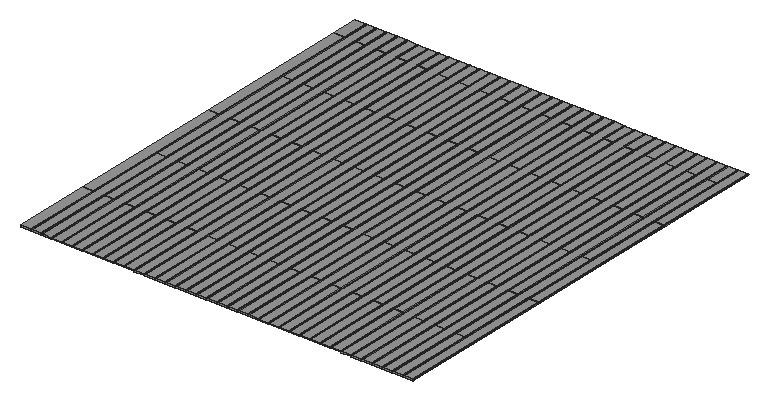
Revit family "2416-2, Veneer", category Generic Models, host Ceiling, Revit 2020
Family settings
  Host = Ceiling
  Can host rebar = No
  Round Connector Dimension = Use Diameter
  Part Type = Normal
  Always vertical = Yes
  Cut with Voids When Loaded = No
  Shared = No
  Room Calculation Point = No
Parameters
  OC SPACING [instance] = .. MEMBER WIDTH - 0' 0 1/4" - 0' 0 3/256"  # 0' - 4 189/256"
  PROJECT WIDTH [instance] = 15' - 0"
  PROJECT LENGTH [instance] = 16' - 0"
  PANELS COUNT 2 [instance] = rounddown((PROJECT LENGTH - .. MEMBER LENGTH 3) / .. MEMBER LENGTH 2)  # 2
  PANELS COUNT [instance] = rounddown(PROJECT LENGTH / .. MEMBER LENGTH 2)  # 2
  MEMBER WIDTH COUNT 2 [instance] = (PROJECT WIDTH / OC SPACING) / 2  # 19
  .. MEMBER WIDTH COUNT [instance] = (PROJECT WIDTH / OC SPACING) / 2  # 19
  .. MEMBER MATERIAL [instance] = Veneer Cherry
  .. MEMBER LENGTH 4 [instance] = ((PROJECT LENGTH - .. MEMBER LENGTH 3) - (PANELS COUNT 2 * .. MEMBER LENGTH 2))  # 1' - 0"
  .. MEMBER LENGTH 3 [instance] = .. MEMBER LENGTH 2 / 2  # 3' - 0"
  Default Elevation = 0' - 0"
  .. MEMBER WIDTH [instance] = 0' - 5"  # constant formula
  .. MEMBER LENGTH 2 [instance] = 6' - 0"
  .. MEMBER LENGTH [instance] = PROJECT LENGTH - (PANELS COUNT * .. MEMBER LENGTH 2)  # 4' - 0"
  .. MEMBER DEPTH [instance] = 0' - 0 3/4"  # constant formula
Reference planes (in)
  plane 1 "Center (Front/Back)": y = 0
  plane 2 "Ceiling": z = 96
  plane 3 "Center (Left/Right)": x = 0
  plane 4: y = 72
  plane 5: y = 144
  plane 6: y = 108
  plane 7: y = 36
  plane 8: y = 192
  plane 9: y = 144
  plane 10: y = 180
  plane 11: x = 180
  plane 12: x = 4.73828
Dimensions and locks (in)
  equal spacing: host sketch curve, plane 3 "Center (Left/Right)", host sketch curve
  equal spacing: host sketch curve, plane 1 "Center (Front/Back)", host sketch curve
  host sketch curve to host sketch curve = 10' - 0"  (x2)
  group 1 to group 2 = 0' - 0"  (x2)
  group 1 to group 2 = 6' - 0"
  ".. MEMBER LENGTH 2": plane 5 to plane 4
  ".. MEMBER LENGTH 2": plane 6 to plane 7
  "PROJECT LENGTH": plane 1 "Center (Front/Back)" to plane 8
  group 3 to group 4 = 0' - 0"  (x2)
  group 3 to group 4 = 6' - 0"
  ".. MEMBER LENGTH 3": plane 1 "Center (Front/Back)" to plane 7
  ".. MEMBER LENGTH 2": plane 1 "Center (Front/Back)" to plane 4
  ".. MEMBER LENGTH": plane 8 to plane 9
  ".. MEMBER LENGTH 4": plane 8 to plane 10
  "PROJECT WIDTH": plane 3 "Center (Left/Right)" to plane 11
  "OC SPACING": plane 3 "Center (Left/Right)" to plane 12
  aligned and locked: plane 1 "Center (Front/Back)" to nested 1
  aligned and locked: plane 4 to nested 2
  aligned and locked: nested 4 to plane 4
  aligned and locked: plane 7 to nested 3
  aligned and locked: plane 6 to nested 3
  aligned and locked: nested 6 to plane 6
  aligned and locked: nested 5 to plane 9
  aligned and locked: nested 7 to plane 10
  aligned and locked: plane 12 to nested 2
  aligned and locked: plane 12 to nested 4
  aligned and locked: plane 12 to nested 5
Nested families (in)
  nested 1: "(COPY 1) 2300 STAGGERED" at (0, 0, 85.44644), .. MEMBER DEPTH <- ".. MEMBER DEPTH", .. MEMBER WIDTH <- ".. MEMBER WIDTH", MEMBER LENGTH <- ".. MEMBER LENGTH 3", REVEAL <- "OC SPACING", MEMBER 1 COUNT <- ".. MEMBER WIDTH COUNT", .. MEMBER MATERIAL <- ".. MEMBER MATERIAL", type "(COPY 1) 2300 STAGGERED"
    with REVEAL X2 0' - 9 61/128", REVEAL 0' - 4 189/256", MEMBER LENGTH 2 1' - 6", MEMBER LENGTH 3' - 0", MEMBER COUNT 2 5, MEMBER 1 COUNT 19, INDENT 0' - 0 5/8", .. MEMBER WIDTH 0' - 5", .. MEMBER MATERIAL Veneer Cherry, .. MEMBER DEPTH 0' - 0 3/4"
  nested 2: "(COPY 1) 2300 STAGGERED" at (4.73828, 0, 85.44644), .. MEMBER DEPTH <- ".. MEMBER DEPTH", .. MEMBER WIDTH <- ".. MEMBER WIDTH", MEMBER LENGTH <- ".. MEMBER LENGTH 2", MEMBER 1 COUNT <- "MEMBER WIDTH COUNT 2", REVEAL <- "OC SPACING", .. MEMBER MATERIAL <- ".. MEMBER MATERIAL", type "(COPY 1) 2300 STAGGERED"
    with REVEAL X2 0' - 9 61/128", REVEAL 0' - 4 189/256", MEMBER LENGTH 2 3' - 0", MEMBER LENGTH 6' - 0", MEMBER COUNT 2 5, MEMBER 1 COUNT 19, INDENT 0' - 0 5/8", .. MEMBER WIDTH 0' - 5", .. MEMBER MATERIAL Veneer Cherry, .. MEMBER DEPTH 0' - 0 3/4"
  nested 3: "(COPY 1) 2300 STAGGERED" at (0, 36, 85.44644), .. MEMBER DEPTH <- ".. MEMBER DEPTH", .. MEMBER WIDTH <- ".. MEMBER WIDTH", MEMBER LENGTH <- ".. MEMBER LENGTH 2", MEMBER 1 COUNT <- ".. MEMBER WIDTH COUNT", REVEAL <- "OC SPACING", .. MEMBER MATERIAL <- ".. MEMBER MATERIAL", type "(COPY 1) 2300 STAGGERED"
    with REVEAL X2 0' - 9 61/128", REVEAL 0' - 4 189/256", MEMBER LENGTH 2 3' - 0", MEMBER LENGTH 6' - 0", MEMBER COUNT 2 5, MEMBER 1 COUNT 19, INDENT 0' - 0 5/8", .. MEMBER WIDTH 0' - 5", .. MEMBER MATERIAL Veneer Cherry, .. MEMBER DEPTH 0' - 0 3/4"
  nested 4: "(COPY 1) 2300 STAGGERED" at (4.73828, 72, 85.44644), .. MEMBER DEPTH <- ".. MEMBER DEPTH", .. MEMBER WIDTH <- ".. MEMBER WIDTH", MEMBER LENGTH <- ".. MEMBER LENGTH 2", MEMBER 1 COUNT <- "MEMBER WIDTH COUNT 2", REVEAL <- "OC SPACING", .. MEMBER MATERIAL <- ".. MEMBER MATERIAL", type "(COPY 1) 2300 STAGGERED"
    with REVEAL X2 0' - 9 61/128", REVEAL 0' - 4 189/256", MEMBER LENGTH 2 3' - 0", MEMBER LENGTH 6' - 0", MEMBER COUNT 2 5, MEMBER 1 COUNT 19, INDENT 0' - 0 5/8", .. MEMBER WIDTH 0' - 5", .. MEMBER MATERIAL Veneer Cherry, .. MEMBER DEPTH 0' - 0 3/4"
  nested 5: "(COPY 1) 2300 STAGGERED" at (4.73828, 144, 85.44644), .. MEMBER DEPTH <- ".. MEMBER DEPTH", .. MEMBER WIDTH <- ".. MEMBER WIDTH", MEMBER LENGTH <- ".. MEMBER LENGTH", REVEAL <- "OC SPACING", MEMBER 1 COUNT <- "MEMBER WIDTH COUNT 2", .. MEMBER MATERIAL <- ".. MEMBER MATERIAL", type "(COPY 1) 2300 STAGGERED"
    with REVEAL X2 0' - 9 61/128", REVEAL 0' - 4 189/256", MEMBER LENGTH 2 2' - 0", MEMBER LENGTH 4' - 0", MEMBER COUNT 2 5, MEMBER 1 COUNT 19, INDENT 0' - 0 5/8", .. MEMBER WIDTH 0' - 5", .. MEMBER MATERIAL Veneer Cherry, .. MEMBER DEPTH 0' - 0 3/4"
  nested 6: "(COPY 1) 2300 STAGGERED" at (0, 108, 85.44644), .. MEMBER DEPTH <- ".. MEMBER DEPTH", .. MEMBER WIDTH <- ".. MEMBER WIDTH", MEMBER LENGTH <- ".. MEMBER LENGTH 2", MEMBER 1 COUNT <- ".. MEMBER WIDTH COUNT", REVEAL <- "OC SPACING", .. MEMBER MATERIAL <- ".. MEMBER MATERIAL", type "(COPY 1) 2300 STAGGERED"
    with REVEAL X2 0' - 9 61/128", REVEAL 0' - 4 189/256", MEMBER LENGTH 2 3' - 0", MEMBER LENGTH 6' - 0", MEMBER COUNT 2 5, MEMBER 1 COUNT 19, INDENT 0' - 0 5/8", .. MEMBER WIDTH 0' - 5", .. MEMBER MATERIAL Veneer Cherry, .. MEMBER DEPTH 0' - 0 3/4"
  nested 7: "(COPY 1) 2300 STAGGERED" at (0, 180, 85.44644), .. MEMBER DEPTH <- ".. MEMBER DEPTH", .. MEMBER WIDTH <- ".. MEMBER WIDTH", MEMBER LENGTH <- ".. MEMBER LENGTH 4", REVEAL <- "OC SPACING", MEMBER 1 COUNT <- ".. MEMBER WIDTH COUNT", .. MEMBER MATERIAL <- ".. MEMBER MATERIAL", type "(COPY 1) 2300 STAGGERED"
    with REVEAL X2 0' - 9 61/128", REVEAL 0' - 4 189/256", MEMBER LENGTH 2 0' - 6", MEMBER LENGTH 1' - 0", MEMBER COUNT 2 3, MEMBER 1 COUNT 19, INDENT 0' - 0 5/8", .. MEMBER WIDTH 0' - 5", .. MEMBER MATERIAL Veneer Cherry, .. MEMBER DEPTH 0' - 0 3/4"
Definition of nested family "(COPY 1) 2300 STAGGERED"
  Parameters (values of type "(COPY 1) 2300 STAGGERED")
    REVEAL X2 [instance] = REVEAL * 2  # 0' - 8"
    REVEAL [instance] = 0' - 4"
    MEMBER LENGTH 2 [instance] = MEMBER LENGTH / 2  # 3' - 0"
    MEMBER LENGTH [instance] = 6' - 0"
    MEMBER COUNT 2 [instance] = 5
    MEMBER 1 COUNT [instance] = 5
    INDENT [instance] = 0' - 0 5/8"
    Default Elevation = 0' - 0"
    .. MEMBER WIDTH [instance] = 0' - 3 1/4"
    .. MEMBER MATERIAL [instance] = none
    .. MEMBER DEPTH [instance] = 0' - 0 3/4"
  Reference planes (in)
    plane 1 "Center (Front/Back)": y = 0
    plane 2: z = 0
    plane 3 "Center (Left/Right)": x = 0
    plane 4: x = 8
    plane 5: x = 4
    plane 6: x = 12
  Dimensions and locks (in)
    "REVEAL X2": plane 3 "Center (Left/Right)" to plane 4
    "REVEAL": plane 3 "Center (Left/Right)" to plane 5
    "REVEAL X2": plane 5 to plane 6
    equal spacing: group 1, group 2, group 3, group 4, group 5  (x3)
    aligned and locked: plane 2 to level
    aligned and locked: plane 1 "Center (Front/Back)" to nested 1
    aligned and locked: nested 1 to plane 3 "Center (Left/Right)"
    aligned and locked: nested 2 to plane 4
  Nested families (in)
    nested 1: "2300 DEV" at (-0.25432, 0, 0), MEMBER LENGTH <- "MEMBER LENGTH", MEMBER MATERIAL <- ".. MEMBER MATERIAL", MEMBER WIDTH <- ".. MEMBER WIDTH", MEMBER DEPTH <- ".. MEMBER DEPTH", INDENT <- "INDENT", type "2300 DEV"
      with MEMBER WIDTH 0' - 3 1/4", MEMBER MATERIAL none, MEMBER LENGTH 6' - 0", MEMBER DEPTH 0' - 0 3/4", INDENT 0' - 0 5/8", EXTRUSION -6' - 0"
    nested 2: "2300 DEV" at (7.74568, 0, 0), MEMBER LENGTH <- "MEMBER LENGTH", MEMBER MATERIAL <- ".. MEMBER MATERIAL", MEMBER WIDTH <- ".. MEMBER WIDTH", MEMBER DEPTH <- ".. MEMBER DEPTH", INDENT <- "INDENT", type "2300 DEV"
      with MEMBER WIDTH 0' - 3 1/4", MEMBER MATERIAL none, MEMBER LENGTH 6' - 0", MEMBER DEPTH 0' - 0 3/4", INDENT 0' - 0 5/8", EXTRUSION -6' - 0"
    nested 3: "2300 DEV" at (15.74568, 0, 0), MEMBER LENGTH <- "MEMBER LENGTH", MEMBER MATERIAL <- ".. MEMBER MATERIAL", MEMBER WIDTH <- ".. MEMBER WIDTH", MEMBER DEPTH <- ".. MEMBER DEPTH", INDENT <- "INDENT", type "2300 DEV"
      with MEMBER WIDTH 0' - 3 1/4", MEMBER MATERIAL none, MEMBER LENGTH 6' - 0", MEMBER DEPTH 0' - 0 3/4", INDENT 0' - 0 5/8", EXTRUSION -6' - 0"
    nested 4: "2300 DEV" at (23.74568, 0, 0), MEMBER LENGTH <- "MEMBER LENGTH", MEMBER MATERIAL <- ".. MEMBER MATERIAL", MEMBER WIDTH <- ".. MEMBER WIDTH", MEMBER DEPTH <- ".. MEMBER DEPTH", INDENT <- "INDENT", type "2300 DEV"
      with MEMBER WIDTH 0' - 3 1/4", MEMBER MATERIAL none, MEMBER LENGTH 6' - 0", MEMBER DEPTH 0' - 0 3/4", INDENT 0' - 0 5/8", EXTRUSION -6' - 0"
    nested 5: "2300 DEV" at (31.74568, 0, 0), MEMBER LENGTH <- "MEMBER LENGTH", MEMBER MATERIAL <- ".. MEMBER MATERIAL", MEMBER WIDTH <- ".. MEMBER WIDTH", MEMBER DEPTH <- ".. MEMBER DEPTH", INDENT <- "INDENT", type "2300 DEV"
      with MEMBER WIDTH 0' - 3 1/4", MEMBER MATERIAL none, MEMBER LENGTH 6' - 0", MEMBER DEPTH 0' - 0 3/4", INDENT 0' - 0 5/8", EXTRUSION -6' - 0"
  Definition of nested family "2300 DEV"
    Parameters (values of type "2300 DEV")
      MEMBER WIDTH [instance] = 0' - 2 1/4"
      MEMBER MATERIAL [instance] = none
      MEMBER LENGTH [instance] = 2' - 6"
      MEMBER DEPTH [instance] = 0' - 0 5/8"
      INDENT [instance] = 0' - 0 5/8"
      EXTRUSION [instance] = -1 * MEMBER LENGTH  # -2' - 6"
      Default Elevation = 0' - 0"
    Reference planes (in)
      plane 1 "Center (Front/Back)": y = 0
      plane 2: z = 10.55356
      plane 3 "Center (Left/Right)": x = 0
      plane 4: y = 30
      plane 5: z = 10.55356
      plane 6: x = 0.25432
      plane 7: x = 2.50432
      plane 8: x = 2.82058
      plane 9: z = 9.92856
      plane 10: z = 10.17856
    Forms (in)
      Extrusion 1, void, not visible
        sketch origin (-0.375, 0, 0) x (1, 0, 0) y (0, 0, 1)
          loop
            line (4.125, 11.30356) -> (4.125, 11.17856) -> (4.0625, 11.11606) -> (3.75, 11.11606) -> (3.75, 10.92856) -> (4.25, 10.92856) -> (4.65478, 10.92856) -> (4.65478, 11.30356) -> (4.25, 11.30356) -> (4.125, 11.30356)
        from 0 to 30
      Extrusion 2, void, not visible
        sketch origin (4.5, 0, 0) x (-1, 0, 0) y (0, 0, 1)
          loop
            line (4.5, 11.30356) -> (4.25, 11.30356) -> (4.25, 11.17856) -> (4.1875, 11.11606) -> (3.875, 11.11606) -> (3.875, 10.92856) -> (4.78125, 10.92856) -> (4.78125, 11.30356) -> (4.5, 11.30356)
        from 0 to 30
      Extrusion 3, void, not visible
        sketch origin (0, 0, 0) x (1, 0, 0) y (0, 0, 1)
          loop
            line (2.53125, 10.55356) -> (2, 10.55356) -> (2, 10.42856) -> (1.9375, 10.36606) -> (1.625, 10.36606) -> (1.625, 10.17856) -> (2.53125, 10.17856) -> (2.53125, 10.55356)
        from 0 to 12
      Extrusion 4, void
        sketch origin (-5.34896, 0, 0) x (1, 0, 0) y (0, 0, 1)
          loop
            line (5.92291, 10.42856) -> (5.60328, 10.42856) -> (5.60328, 10.55356) -> (5.34896, 10.55356) -> (5.34896, 9.92856) -> (5.34896, 9.52296) -> (5.60291, 9.52296) -> (5.60291, 9.99136) -> (5.60291, 10.17856) -> (5.92291, 10.17856) -> (5.92291, 10.42856)
        from 0 to -30 <- "EXTRUSION"
      Extrusion 5, void
        sketch origin (-6.35859, 0, 0) x (1, 0, 0) y (0, 0, 1)
          loop
            line (8.60291, 10.17856) -> (8.60291, 9.99106) -> (8.60291, 9.52296) -> (9.17917, 9.52296) -> (9.17917, 9.92856) -> (9.17917, 10.55356) -> (8.56291, 10.55356) -> (8.56291, 10.38856) -> (8.80041, 10.38856)
            arc (8.80041, 10.38856) -> (8.8446, 10.37025) -> (8.86291, 10.32606) r 0.0625
            line (8.86291, 10.32606) -> (8.86291, 10.24106)
            arc (8.86291, 10.24106) -> (8.8446, 10.19686) -> (8.80041, 10.17856) r 0.0625
            line (8.80041, 10.17856) -> (8.60291, 10.17856)
        from 0 to -30 <- "EXTRUSION"
      Extrusion 6, solid, material <- "MEMBER MATERIAL"
        sketch origin (-5.34896, 0, 0) x (1, 0, 0) y (0, 0, 1)
          loop
            line (5.60328, 10.55356) -> (5.60328, 9.92856) -> (7.85328, 9.92856) -> (7.85328, 10.55356) -> (5.60328, 10.55356)
        from 0 to -30
      Extrusion 7, void, not visible
        sketch origin (0, 0, 0) x (1, 0, 0) y (0, 0, 1)
          loop
            line (8.60291, 10.17856) -> (8.60291, 9.99106) -> (8.54041, 9.92856) -> (9.17917, 9.92856) -> (9.17917, 10.55356) -> (8.56291, 10.55356) -> (8.56291, 10.38856) -> (8.80041, 10.38856)
            arc (8.80041, 10.38856) -> (8.8446, 10.37025) -> (8.86291, 10.32606) r 0.0625
            line (8.86291, 10.32606) -> (8.86291, 10.24106)
            arc (8.86291, 10.24106) -> (8.8446, 10.19686) -> (8.80041, 10.17856) r 0.0625
            line (8.80041, 10.17856) -> (8.60291, 10.17856)
        from 0 to -30
      Extrusion 8, void, not visible
        sketch origin (-0.54718, 0, 0) x (1, 0, 0) y (0, 0, 1)
          loop
            line (8.60291, 10.17856) -> (8.60291, 9.99106) -> (8.60291, 9.52296) -> (9.17917, 9.52296) -> (9.17917, 9.92856) -> (9.17917, 10.55356) -> (8.56291, 10.55356) -> (8.56291, 10.38856) -> (8.80041, 10.38856)
            arc (8.80041, 10.38856) -> (8.8446, 10.37025) -> (8.86291, 10.32606) r 0.0625
            line (8.86291, 10.32606) -> (8.86291, 10.24106)
            arc (8.86291, 10.24106) -> (8.8446, 10.19686) -> (8.80041, 10.17856) r 0.0625
            line (8.80041, 10.17856) -> (8.60291, 10.17856)
        from 0 to -30 <- "EXTRUSION"
      Extrusion 9, void
        sketch origin (0, 0, 0) x (1, 0, 0) y (0, 0, 1)
          loop
            line (0.25432, 9.92856) -> (0.31682, 9.92856) -> (0.25432, 9.99106) -> (0.25432, 9.92856)
        from -30 to 0
      Extrusion 10, void
        sketch origin (2.49864, 0, -0.0153) x (-1, 0, 0) y (0, 0, -1)
          loop
            line (0.25432, -9.94385) -> (0.25432, -10.00635) -> (0.31682, -9.94385) -> (0.25432, -9.94385)
        from -30 to 0
      Extrusion 11, void, not visible
        sketch origin (-5.34896, -6, 0) x (1, 0, 0) y (0, 0, 1)
          loop
            line (5.92291, 10.42856) -> (5.60328, 10.42856) -> (5.60328, 10.55356) -> (5.34896, 10.55356) -> (5.34896, 9.92856) -> (5.34896, 9.52296) -> (5.60291, 9.52296) -> (5.60291, 9.99136) -> (5.60291, 10.17856) -> (5.92291, 10.17856) -> (5.92291, 10.42856)
        from 0 to -30 <- "EXTRUSION"
    Cuts and joins
      Extrusion 4, Extrusion 5, Extrusion 9, Extrusion 10 cuts Extrusion 6
    Lines and regions (in)
      model lines, not visible
        curve 1: line (9.45582, 0, 10.55356) -> (14.70582, 0, 10.55356)
        curve 2: line (14.70582, 0, 10.55356) -> (14.70582, 0, 10.92856)
        curve 3: line (14.70582, 0, 10.92856) -> (14.20582, 0, 10.92856)
        curve 4: line (14.20582, 0, 10.92856) -> (14.20582, 0, 11.11606)
        curve 5: line (14.20582, 0, 11.11606) -> (14.51832, 0, 11.11606)
        curve 6: line (14.58082, 0, 11.30356) -> (14.58082, 0, 11.17856)
        curve 7: line (14.58082, 0, 11.17856) -> (14.51832, 0, 11.11606)
        curve 8: line (14.58082, 0, 11.30356) -> (9.58082, 0, 11.30356)
        curve 9: line (9.45582, 0, 10.55356) -> (9.45582, 0, 10.92856)
        curve 10: line (9.45582, 0, 10.92856) -> (9.95582, 0, 10.92856)
        curve 11: line (9.95582, 0, 10.92856) -> (9.95582, 0, 11.11606)
        curve 12: line (9.95582, 0, 11.11606) -> (9.64332, 0, 11.11606)
        curve 13: line (9.58082, 0, 11.30356) -> (9.58082, 0, 11.17856)
        curve 14: line (9.58082, 0, 11.17856) -> (9.64332, 0, 11.11606)
        curve 15: line (5.25, 0, 10.55356) -> (5.25, 0, 10.92856)
        curve 16: line (5.25, 0, 10.92856) -> (4.75, 0, 10.92856)
        curve 17: line (4.75, 0, 10.92856) -> (4.75, 0, 11.11606)
        curve 18: line (4.75, 0, 11.11606) -> (5.0625, 0, 11.11606)
        curve 19: line (5.125, 0, 11.30356) -> (5.125, 0, 11.17856)
        curve 20: line (5.125, 0, 11.17856) -> (5.0625, 0, 11.11606)
    Dimensions and locks (in)
      "MEMBER LENGTH": plane 1 "Center (Front/Back)" to plane 4
      locked: plane 8 to plane 7 at 0.31626
      "MEMBER WIDTH": plane 7 to plane 6
      locked: plane 6 to plane 3 "Center (Left/Right)" at 0.25432
      level to plane 9 = 0' - 0 5/8"
      locked: level to plane 10 at 0.375
      aligned and locked: level to plane 2
      aligned and locked: plane 4 to Extrusion 6
      aligned and locked: plane 6 to Extrusion 6
      aligned and locked: plane 6 to Extrusion 4
      aligned and locked: plane 7 to Extrusion 6
      aligned and locked: plane 8 to Extrusion 5
      aligned and locked: plane 9 to Extrusion 6
      aligned and locked: Extrusion 9 to plane 9
      aligned and locked: Extrusion 10 to plane 9
      aligned and locked: plane 4 to Extrusion 9
      aligned and locked: plane 1 "Center (Front/Back)" to Extrusion 9
      aligned and locked: plane 4 to Extrusion 10
      aligned and locked: plane 1 "Center (Front/Back)" to Extrusion 10
      aligned and locked: plane 10 to Extrusion 4
      aligned and locked: plane 1 "Center (Front/Back)" to Extrusion 5
    Automatic sketch dimensions
      Extrusion 1 sketch curve to Extrusion 1 sketch curve = 0' - 0 1/16"  (x2)
      Extrusion 1 sketch curve to Extrusion 1 sketch curve = 0' - 0.40478"
      Extrusion 1 sketch curve to Extrusion 1 sketch curve = 0' - 0 3/16"  (x2)
      Extrusion 1 sketch curve to Extrusion 1 sketch curve = 0' - 0 1/8"  (x2)
      Extrusion 1 sketch curve to Extrusion 1 sketch curve = 0' - 0 5/16"
      Extrusion 2 sketch curve to Extrusion 2 sketch curve = 0' - 0 3/16"  (x2)
      Extrusion 2 sketch curve to Extrusion 2 sketch curve = 0' - 0 1/16"  (x2)
      Extrusion 2 sketch curve to Extrusion 2 sketch curve = 0' - 0 9/32"
      Extrusion 2 sketch curve to Extrusion 2 sketch curve = 0' - 0 1/4"
      Extrusion 2 sketch curve to Extrusion 2 sketch curve = 0' - 0 5/16"
      Extrusion 3 sketch curve to Extrusion 3 sketch curve = 0' - 0 5/16"
      Extrusion 3 sketch curve to Extrusion 3 sketch curve = 0' - 0 1/16"  (x2)
      Extrusion 3 sketch curve to Extrusion 3 sketch curve = 0' - 0 3/16"
      Extrusion 3 sketch curve to Extrusion 3 sketch curve = 0' - 0 17/32"
      Extrusion 3 sketch curve to Extrusion 3 sketch curve = 0' - 0 3/8"
      Extrusion 7 sketch curve to Extrusion 7 sketch curve = 0' - 0 1/16"  (x4)
      Extrusion 7 sketch curve to Extrusion 7 sketch curve = 0' - 0.1975"
      Extrusion 7 sketch curve to Extrusion 7 sketch curve = 0' - 0.2375"
      Extrusion 7 sketch curve to Extrusion 7 sketch curve = 0' - 0.085"
      Extrusion 7 sketch curve to Extrusion 7 sketch curve = 0' - 0 3/16"
      Extrusion 7 sketch curve to Extrusion 7 sketch curve = 0' - 0.31626"
      Extrusion 7 sketch curve to Extrusion 7 sketch curve = 0' - 0.2275"
      Extrusion 5 sketch curve to Extrusion 5 sketch curve = 0' - 0.04"
      Extrusion 5 sketch curve to Extrusion 5 sketch curve = 0' - 0.2375"
      Extrusion 5 sketch curve to Extrusion 5 sketch curve = 0' - 0"
      Extrusion 5 sketch curve to Extrusion 5 sketch curve = 0' - 0 1/16"
      Extrusion 5 sketch curve to Extrusion 5 sketch curve = 0' - 0.31626"
      Extrusion 5 sketch curve to Extrusion 5 sketch curve = 0' - 0.4681"
      Extrusion 5 sketch curve to Extrusion 5 sketch curve = 0' - 0 3/16"
      Extrusion 5 sketch curve to Extrusion 5 sketch curve = 0' - 0.085"
      Extrusion 5 sketch curve to Extrusion 5 sketch curve = 0' - 0.2275"
      Extrusion 5 sketch curve to Extrusion 5 sketch curve = 0' - 0.4056"
      Extrusion 8 sketch curve to Extrusion 8 sketch curve = 0' - 0.04"
      Extrusion 8 sketch curve to Extrusion 8 sketch curve = 0' - 0.2375"
      Extrusion 8 sketch curve to Extrusion 8 sketch curve = 0' - 0"
      Extrusion 8 sketch curve to Extrusion 8 sketch curve = 0' - 0 1/16"
      Extrusion 8 sketch curve to Extrusion 8 sketch curve = 0' - 0.31626"
      Extrusion 8 sketch curve to Extrusion 8 sketch curve = 0' - 0.4681"
      Extrusion 8 sketch curve to Extrusion 8 sketch curve = 0' - 0 3/16"
      Extrusion 8 sketch curve to Extrusion 8 sketch curve = 0' - 0.085"
      Extrusion 8 sketch curve to Extrusion 8 sketch curve = 0' - 0.2275"
      Extrusion 8 sketch curve to Extrusion 8 sketch curve = 0' - 0.4056"
      Extrusion 6 sketch curve to plane 6 = 0' - 0"
      Extrusion 6 sketch curve to plane 7 = 0' - 0"
      Extrusion 6 sketch curve to plane 9 = 0' - 0"
      Extrusion 6 sketch curve to level = 0' - 0"
      Extrusion 9 sketch curve to plane 6 = 0' - 0"
      Extrusion 9 sketch curve to plane 9 = 0' - 0"
      plane 6 to Extrusion 9 sketch curve = 0' - 0 1/16"
      Extrusion 9 sketch curve to Extrusion 9 sketch curve = 0' - 0 1/16"
      plane 7 to Extrusion 10 sketch curve = 0' - 0.26"
      plane 9 to Extrusion 10 sketch curve = 0' - 0"
      Extrusion 10 sketch curve to Extrusion 10 sketch curve = 0' - 0 1/16"  (x2)
      Extrusion 4 sketch curve to Extrusion 4 sketch curve = 0' - 0.25395"
      Extrusion 4 sketch curve to Extrusion 4 sketch curve = 0' - 0.25432"
      Extrusion 4 sketch curve to Extrusion 4 sketch curve = 0' - 0.32"
      Extrusion 4 sketch curve to Extrusion 4 sketch curve = 0' - 0.4056"
      Extrusion 4 sketch curve to Extrusion 4 sketch curve = 0' - 0.06281"
      Extrusion 4 sketch curve to Extrusion 4 sketch curve = 0' - 0.18719"
      Extrusion 4 sketch curve to Extrusion 4 sketch curve = 0' - 0 1/4"
      Extrusion 4 sketch curve to Extrusion 4 sketch curve = 0' - 0 1/8"
      Extrusion 11 sketch curve to Extrusion 11 sketch curve = 0' - 0.25395"
      Extrusion 11 sketch curve to Extrusion 11 sketch curve = 0' - 0.25432"
      Extrusion 11 sketch curve to Extrusion 11 sketch curve = 0' - 0.32"
      Extrusion 11 sketch curve to Extrusion 11 sketch curve = 0' - 0.4056"
      Extrusion 11 sketch curve to Extrusion 11 sketch curve = 0' - 0.06281"
      Extrusion 11 sketch curve to Extrusion 11 sketch curve = 0' - 0.18719"
      Extrusion 11 sketch curve to Extrusion 11 sketch curve = 0' - 0 1/4"
      Extrusion 11 sketch curve to Extrusion 11 sketch curve = 0' - 0 1/8"
